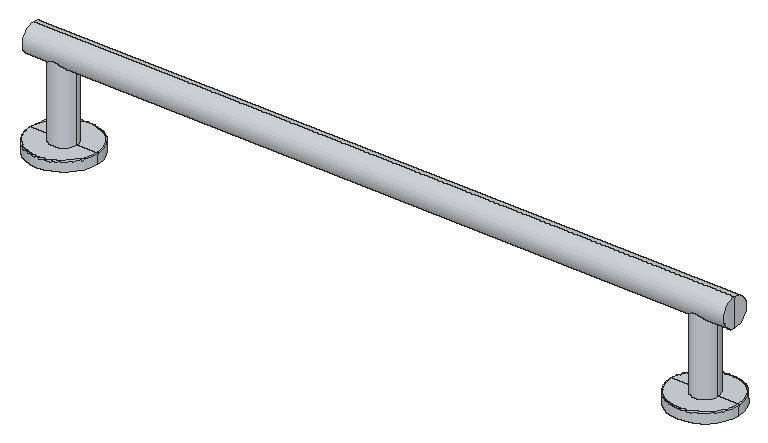
Revit family "Accessory-Towel_Bar-KOHLER-Stillness-K-14450", category Specialty Equipment, host Face, Revit 2015
Parameters (values of type "CP-Polished Chrome")
  Width = 2 31/32"  # constant formula
  URL = "https://www.us.kohler.com/us/"
  Type = 1
  Product Page URL = "http://www.us.kohler.com/us/catalog/productDetails.jsp?productNumber=14450"
  Product Name = "Stillness"  # constant formula
  Product Documentation Link = "http://www.us.kohler.com/onlinecatalog/pdf/K-14450_spec.pdf"
  Model = if(Type = 1, "K-14450-CP", if(Type = 2, "K-14450-BN", "NA"))  # "K-14450-CP"
  Material = "Solid Brass Construction"  # constant formula
  MasterFormat 2004 = "10.28.13"  # constant formula
  MasterFormat 1995 = "10820"  # constant formula
  Manufacturer Address = "444 Highland Dr, Kohler, WI 53044"  # constant formula
  Manufacturer = "KOHLER Co."  # constant formula
  Length = 19 11/16"  # constant formula
  Height = 1 7/8"  # constant formula
  Finish = Kohler-Metal-CP-Polished_Chrome
  Environmental Product Declaration = ""
  Description = "18inch towel bar"  # constant formula
  Default Elevation = 42"
  Declare Label = ""
  Date Modified = "08/23/2018"  # constant formula
  Date Created = "08/23/2018"  # constant formula
  Copyright = "Copyright KOHLER Co."  # constant formula
  Contact Us = "https://www.us.kohler.com/us/static/contact.jsp"
  Assembly Code = "C1030200"
  ADA Compliant = 1 = 0  # no
Types (3): name | Type | Model | Finish
  (no name) | 1 | "K-14450-CP" | Kohler-Metal-CP-Polished_Chrome
  CP-Polished Chrome | 1 | "K-14450-CP" | Kohler-Metal-CP-Polished_Chrome
  BN-Vibrant Brushed Nickel | 2 | "K-14450-BN" | Kohler-Metal-BN-Vibrant_Brushed_Nickel
Reference planes (in)
  plane 1 "Center (Front/Back)": y = 0
  plane 2: z = 0
  plane 3 "Center (Left/Right)": x = 0
  plane 4: z = 2.96875
  plane 5: y = 0.9375
  plane 6: y = -0.9375
  plane 7: x = -9.84375
  plane 8: x = 9.84375
Dimensions and locks (in)
  "Width": plane 4 to plane 2
  "Height": plane 6 to plane 5
  "Length": plane 7 to plane 8
  equal spacing: plane 7, plane 3 "Center (Left/Right)", plane 8
  aligned and locked: plane 2 to host face
  aligned and locked: level to host face
Automatic sketch dimensions
  host sketch curve to host sketch curve = 96"  (x2)
Nested families (in)
  nested 1: "K-14450" at (0, 0, 0), type "K-14450"
Definition of nested family "K-14450"
  Parameters (values of type "K-14450")
    Material = none
    Half Length1 = Half Length + 27/32"  # 9 27/32"
    Half Length = Center Dist / 2  # 9"
    Center Dist = 18"
  Reference planes (in)
    plane 1 "Center (Front/Back)": y = 0
    plane 2: z = 0
    plane 3 "Center (Left/Right)": x = 0
    plane 4: y = 0.9375
    plane 5: y = -0.9375
    plane 6: x = -9
    plane 7: x = 9
  Forms (in)
    Revolve 1, solid, material <- "Material", detail levels medium+fine
      sketch origin (0, 0, 0) x (1, 0, 0) y (0, 0, 1)
        loop
          line (-9, 0) -> (-9, 2.48942) -> (-9.36214, 2.48942) -> (-9.36214, 0.27559) -> (-9.93304, 0.27559)
          arc (-9.93304, 0.27559) -> (-9.94698, 0.26982) -> (-9.95276, 0.25588) r 0.01971
          line (-9.95276, 0.25588) -> (-9.95276, 0) -> (-9, 0)
        axis (-9, 2.48942) -> (-9, 0)
      angle from 0 to 360
    Revolve 2, solid, material <- "Material", detail levels medium+fine
      sketch origin (0, 0, 0) x (-1, 0, 0) y (0, 0, 1)
        loop
          line (-9, 0) -> (-9, 2.49261) -> (-9.36214, 2.49261) -> (-9.36214, 0.27559) -> (-9.93275, 0.27559)
          arc (-9.93275, 0.27559) -> (-9.9469, 0.26973) -> (-9.95276, 0.25559) r 0.02
          line (-9.95276, 0.25559) -> (-9.95276, 0) -> (-9, 0)
        axis (-9, 2.49261) -> (-9, 0)
      angle from 0 to 360
    Revolve 3, solid, material <- "Material", detail levels medium+fine
      sketch origin (0, 0, 0) x (1, 0, 0) y (0, 0, 1)
        loop
          line (-9.84375, 2.95136) -> (-9.84375, 2.55766) -> (9.84375, 2.55766) -> (9.84375, 2.95136) -> (-9.84375, 2.95136)
        axis (9.84375, 2.55766) -> (-9.84375, 2.55766)
      angle from 0 to 360
    Extrusion 4, solid, material <- "Material", detail levels coarse
      sketch origin (0, 0, 0) x (0, 1, 0) y (0, 0, 1)
        loop
          circle (0, 2.55766) r 0.3937
      from -9.84375 to 9.84375
    Extrusion 5, solid, material <- "Material", detail levels coarse
      sketch origin (0, 0, 0) x (1, 0, 0) y (0, 1, 0)
        loop
          circle (-9, 0) r 0.37
        loop
          circle (9, 0) r 0.37109
      from 0 to 2.52422
  Cuts and joins
    joined: Revolve 1, Revolve 2, Revolve 3
    joined: Extrusion 4, Extrusion 5
  Lines and regions (in)
    Masking region 1
      outline origin (0, 0, 0) x (1, 0, 0) y (0, 0, 1)
        loop
          line (-9.84375, 2.95136) -> (-9.84375, 2.16396) -> (-9.36214, 2.16396) -> (-9.36214, 0.27553) -> (-9.93318, 0.27553)
          arc (-9.93318, 0.27553) -> (-9.94702, 0.2698) -> (-9.95276, 0.25596) r 0.01957
          line (-9.95276, 0.25596) -> (-9.95276, 0) -> (-8.04731, 0) -> (-8.04731, 0.25596)
          arc (-8.04731, 0.25596) -> (-8.05304, 0.2698) -> (-8.06688, 0.27553) r 0.01957
          line (-8.06688, 0.27553) -> (-8.63786, 0.27553) -> (-8.63786, 2.16396) -> (8.63786, 2.16396) -> (8.63786, 0.27559) -> (8.06682, 0.27559)
          arc (8.06682, 0.27559) -> (8.05298, 0.26986) -> (8.04724, 0.25602) r 0.01957
          line (8.04724, 0.25602) -> (8.04724, 0) -> (9.95276, 0) -> (9.95276, 0.25602)
          arc (9.95276, 0.25602) -> (9.94702, 0.26986) -> (9.93318, 0.27559) r 0.01957
          line (9.93318, 0.27559) -> (9.36214, 0.27559) -> (9.36214, 2.16396) -> (9.84375, 2.16396) -> (9.84375, 2.95136) -> (-9.84375, 2.95136)
    Masking region 2
      outline origin (0, 0, 0) x (0, 1, 0) y (0, 0, 1)
        loop
          line (-0.9375, 0) -> (0.9375, 0) -> (0.9375, 0.25558)
          arc (0.9375, 0.25558) -> (0.93164, 0.26973) -> (0.91748, 0.27559) r 0.02002
          line (0.91748, 0.27559) -> (0.36214, 0.27559) -> (0.36214, 2.40322)
          arc (0.36214, 2.40322) -> (0, 2.95136) -> (-0.36214, 2.40322) r 0.3937
          line (-0.36214, 2.40322) -> (-0.36214, 0.27559) -> (-0.91748, 0.27559)
          arc (-0.91748, 0.27559) -> (-0.93164, 0.26973) -> (-0.9375, 0.25558) r 0.02002
          line (-0.9375, 0.25558) -> (-0.9375, 0)
    Masking region 3
      outline origin (0, 0, 0) x (1, 0, 0) y (0, 1, 0)
        loop
          arc (-8.14917, 0.3937) -> (-9.9375, 0) -> (-8.14917, -0.3937) r 0.9375
          line (-8.14917, -0.3937) -> (8.14917, -0.3937)
          arc (8.14917, -0.3937) -> (9.9375, 0) -> (8.14917, 0.3937) r 0.9375
          line (8.14917, 0.3937) -> (-8.14917, 0.3937)
    symbolic lines, detail levels medium+fine
      curve 1: line (-9.36214, 0, 0.27559) -> (-8.63786, 0, 0.27559)
      curve 2: line (8.63786, 0, 0.27559) -> (9.36214, 0, 0.27559)
      curve 3: line (-8.63786, 0, 2.16396) -> (-9.36214, 0, 2.16396)
      curve 4: line (9.36214, 0, 2.16396) -> (8.63786, 0, 2.16396)
      curve 5: line (0, 0.36214, 0.27559) -> (0, -0.36214, 0.27559)
      curve 6: arc (0, 0.36214, 2.40322) -> (0, 0, 2.16396) -> (0, -0.36214, 2.40322) r 0.3937
      curve 7: line (-9.84375, 0.3937, 0) -> (-9.84375, -0.3937, 0)
      curve 8: line (9.84375, 0.3937, 0) -> (9.84375, -0.3937, 0)
      curve 9: line (-8.14917, -0.3937, 0) -> (-9.84375, -0.3937, 0)
      curve 10: line (-8.14917, 0.3937, 0) -> (-9.84375, 0.3937, 0)
      curve 11: line (8.14917, 0.3937, 0) -> (9.84375, 0.3937, 0)
      curve 12: line (8.14917, -0.3937, 0) -> (9.84375, -0.3937, 0)
  Dimensions and locks (in)
    "Half Length": Revolve 1 sketch curve to plane 3 "Center (Left/Right)"
    "Half Length": Revolve 2 sketch curve to plane 3 "Center (Left/Right)"
    equal spacing: Revolve 3 sketch curve, plane 3 "Center (Left/Right)", Revolve 3 sketch curve
    "Half Length1": plane 3 "Center (Left/Right)" to Revolve 3 sketch curve
    plane 4 to plane 5 = 1 7/8"
    equal spacing: plane 6, plane 3 "Center (Left/Right)", plane 7
    "Center Dist": plane 6 to plane 7
    aligned and locked: plane 2 to level
    aligned and locked: Revolve 1 sketch curve to Revolve 1 sketch curve  (x2)
    aligned and locked: Revolve 2 sketch curve to Revolve 2 sketch curve  (x2)
    aligned and locked: Masking region 1 sketch curve to cut or joined group of Revolve 1, Revolve 2, Revolve 3  (x12)
    aligned and locked: cut or joined group of Revolve 1, Revolve 2, Revolve 3 to Masking region 1 sketch curve
    aligned and locked: Masking region 1 sketch curve to Masking region 1 sketch curve
    aligned and locked: cut or joined group of Revolve 1, Revolve 2, Revolve 3 to curve 1
    aligned and locked: Masking region 1 to curve 1  (x2)
    aligned and locked: Masking region 1 to curve 2
    aligned and locked: curve 2 to Masking region 1
    aligned and locked: curve 3 to Masking region 1
    aligned and locked: Masking region 1 to curve 3
    aligned and locked: curve 4 to Masking region 1
    aligned and locked: Masking region 1 to curve 4
    aligned and locked: plane 6 to Masking region 3 sketch curve
    aligned and locked: plane 7 to Masking region 3 sketch curve
    aligned and locked: curve 7 to cut or joined group of Revolve 1, Revolve 2, Revolve 3
    aligned and locked: curve 8 to cut or joined group of Revolve 1, Revolve 2, Revolve 3
    aligned and locked: Extrusion 4 to cut or joined group of Revolve 1, Revolve 2, Revolve 3  (x2)
    aligned and locked: plane 6 to Extrusion 5 sketch curve
    aligned and locked: plane 7 to Extrusion 5 sketch curve
  Automatic sketch dimensions
    Revolve 1 sketch curve to level = 0"
    level to Revolve 1 sketch curve = 0.27559"
    Revolve 1 sketch curve to Revolve 1 sketch curve = 0.36214"
    Revolve 1 sketch curve to Revolve 1 sketch curve = 0.5709"
    Revolve 1 sketch curve to Revolve 1 sketch curve = 0.01971"
    Revolve 1 sketch curve to Revolve 1 sketch curve = 2.21383"
    Revolve 1 sketch curve to level = 1/2"
    Revolve 2 sketch curve to level = 0"
    Revolve 2 sketch curve to level = 0.27559"
    Revolve 2 sketch curve to Revolve 2 sketch curve = 0.36214"
    Revolve 2 sketch curve to level = 0.25559"
    Revolve 2 sketch curve to Revolve 2 sketch curve = 0.57061"
    Revolve 2 sketch curve to Revolve 2 sketch curve = 2.21702"
    level to Revolve 2 sketch curve = 1/2"
    level to Revolve 3 sketch curve = 2.95136"
    Revolve 3 sketch curve to Revolve 3 sketch curve = 0.3937"
    Revolve 3 sketch curve to Revolve 3 sketch curve = 17/256"
    Revolve 3 sketch curve to Revolve 3 sketch curve = 0.3696"
    Revolve 3 sketch curve to Revolve 3 sketch curve = 0"
    Masking region 1 sketch curve to Masking region 1 sketch curve = 0.01957"  (x4)
    level to Masking region 1 sketch curve = 0.27553"
    Masking region 1 sketch curve to Masking region 1 sketch curve = 0.57098"
    level to Masking region 1 sketch curve = 0.25602"  (x2)
    Masking region 1 sketch curve to Masking region 1 sketch curve = 0"
    Masking region 1 sketch curve to Masking region 1 sketch curve = 0.7874"
    level to curve 2 = 0.27559"
    curve 1 to curve 3 = 1.88837"
    curve 2 to curve 4 = 1.88837"
    Masking region 2 sketch curve to level = 0"
    Masking region 2 sketch curve to plane 1 "Center (Front/Back)" = 0"
    level to Masking region 2 sketch curve = 0.25558"  (x2)
    Masking region 2 sketch curve to Masking region 2 sketch curve = 0.02002"  (x2)
    Masking region 2 sketch curve to plane 1 "Center (Front/Back)" = 0.36214"
    Masking region 2 sketch curve to Masking region 2 sketch curve = 2.12763"
    Masking region 2 sketch curve to Masking region 2 sketch curve = 0.15444"
    plane 1 "Center (Front/Back)" to Masking region 2 sketch curve = 0.36214"
    Masking region 2 sketch curve to Masking region 2 sketch curve = 0.55534"  (x2)
    curve 6 to plane 1 "Center (Front/Back)" = 0"
    level to curve 6 = 2.55766"
    plane 1 "Center (Front/Back)" to curve 6 = 0.36214"
    plane 1 "Center (Front/Back)" to curve 5 = 0.36214"
    curve 6 to plane 1 "Center (Front/Back)" = 0.36214"
    curve 5 to plane 1 "Center (Front/Back)" = 0.36214"
    curve 6 to curve 6 = 0.15444"
    level to curve 5 = 0.27559"
    plane 1 "Center (Front/Back)" to Masking region 3 sketch curve = 0"  (x2)
    plane 1 "Center (Front/Back)" to Masking region 3 sketch curve = 0.3937"
    plane 6 to Masking region 3 sketch curve = 0.85083"
    plane 7 to Masking region 3 sketch curve = 0.85083"
    Masking region 3 sketch curve to Masking region 3 sketch curve = 0"
    plane 1 "Center (Front/Back)" to curve 9 = 0.3937"
    curve 10 to plane 1 "Center (Front/Back)" = 0.3937"
    curve 11 to plane 1 "Center (Front/Back)" = 0.3937"
    plane 6 to curve 9 = 0.85083"
    curve 10 to curve 9 = 0"
    plane 7 to curve 11 = 0.85083"
    plane 1 "Center (Front/Back)" to curve 12 = 0.3937"
    curve 12 to curve 11 = 0"
    plane 1 "Center (Front/Back)" to Extrusion 5 sketch curve = 0"  (x2)
    radius of Extrusion 5 sketch curve = 0.37"
    radius of Extrusion 5 sketch curve = 95/256"
